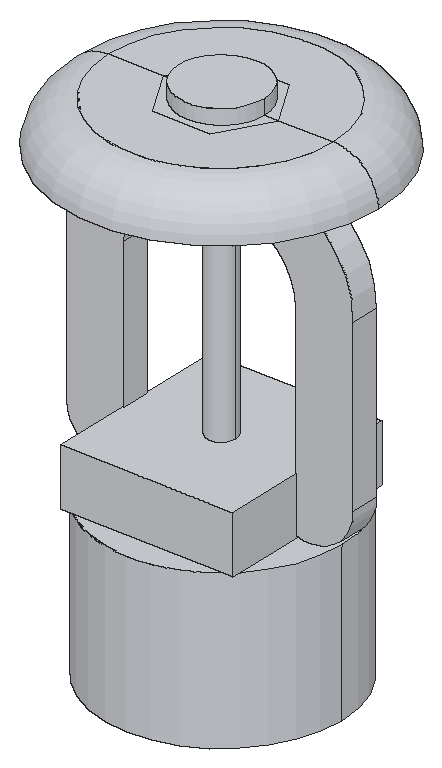
Revit family
Parameters (values of type "RASCO F1 UPRIGHT")
  Temperature Rating = 286 °F
  Response = (empty or 0)
  RASCO SIN # = "R1725"
  RASCO Part # = "FU3LB"
  Pressure Rating = "175 PSI"
  Pressure Class = (empty or 0)
  Orifice Size = 17/32"
  Orifice = (empty or 0)
  Model = "F1"
  Manufacturer = "RASCO"
  K-Factor = 8
  Description = "Brz. Finish"
  Coverage = (empty or 0)
Reference planes (in)
  plane 1 "Center (Front/Back)": y = 0
  plane 2: z = 0
  plane 3 "Center (Left/Right)": x = 0
Dimensions and locks (in)
  aligned and locked: plane 2 to level
Nested families (in)
  nested 1: "FU3LB" at (0, 0, 0), type "RASCO F1 UPRIGHT"
Connectors (in)
  piping at (0, 0, 0)
    settings: on nested 1, index 1, connector radius 1/2", flow factor 0, pipe flow 0 GPM, pressure drop 0.00 psi, fitting loss kfactor 0, connector angle 0.00°, fixture units 0, flow configuration 0, flow direction 0, fitting loss method 0, system type 7, connector reference index -1, connector utility 0, adjustable connector no, is connector primary yes, fitting loss table "", connector description ""
Definition of nested family "FU3LB"
  Parameters (values of type "RASCO F1 UPRIGHT")
    Type Comments = ""
    Temperature Rating = 0 °F
    Response = (empty or 0)
    Pressure Rating = "0"
    Pressure Class = (empty or 0)
    Orifice Size = 0"
    Orifice = (empty or 0)
    Model = ""
    Manufacturer = ""
    K-Factor = 0
    Description = ""
    Coverage = (empty or 0)
    Assembly Code = ""
  Reference planes (in)
    plane 1 "Center (Front/Back)": y = 0
    plane 2: z = 0
    plane 3 "ref.2": z = 0.6875
    plane 4 "ref.3": z = 0.9375
    plane 5: x = -0.38065
    plane 6: x = 0.36935
    plane 7 "ref. side 1": y = 0.06402
    plane 8 "ref. side 2": y = -0.06098
    plane 9 "ref.4": z = 1.875
    plane 10 "ref.5": z = 2.3125
    plane 11 "ref.6": z = 2.4375
  Forms (in)
    Extrusion 1, solid
      sketch origin (0, 0, 0) x (1, 0, 0) y (0, 1, 0)
        loop
          circle (0, 0) r 0.5221
      from 0 to 0.6875
    Extrusion 2, solid
      sketch origin (-0.12185, 0.05177, 0.6875) x (1, 0, 0) y (0, 1, 0)
        loop
          line (-0.2588, 0.356) -> (-0.2588, -0.4565) -> (0.4912, -0.4565) -> (0.4912, 0.356) -> (-0.2588, 0.356)
      from 0 to 0.25
    Extrusion 3, solid
      sketch origin (0, 0, 0) x (1, 0, 0) y (0, 0, 1)
        loop
          line (-0.38065, 0.69674) -> (-0.38065, 1.58397)
          arc (-0.38065, 1.58397) -> (-0.29541, 1.78976) -> (-0.08962, 1.875) r 0.29103
          line (-0.08962, 1.875) -> (0.07524, 1.875)
          arc (0.07524, 1.875) -> (0.28321, 1.78886) -> (0.36935, 1.58089) r 0.29411
          line (0.36935, 1.58089) -> (0.36935, 0.69728)
          arc (0.36935, 0.69728) -> (0.54046, 0.72329) -> (0.61935, 0.87734) r 0.18984
          line (0.61935, 0.87734) -> (0.61935, 1.61676)
          arc (0.61935, 1.61676) -> (0.48879, 1.93194) -> (0.17361, 2.0625) r 0.44574
          line (0.17361, 2.0625) -> (-0.18509, 2.0625)
          arc (-0.18509, 2.0625) -> (-0.50015, 1.932) -> (-0.63065, 1.61694) r 0.44556
          line (-0.63065, 1.61694) -> (-0.63065, 0.87876)
          arc (-0.63065, 0.87876) -> (-0.55196, 0.72414) -> (-0.38065, 0.69674) r 0.19126
      from -0.06402 to 0.06098
    Extrusion 4, solid
      sketch origin (0, 0, 0.9375) x (-1, 0, 0) y (0, -1, 0)
        loop
          circle (0.00574, -0.00152) r 0.0625
      from 0 to 0.9375
    Extrusion 5, solid
      sketch origin (0, 0, 1.875) x (-1, 0, 0) y (0, -1, 0)
        loop
          circle (0.00574, -0.00152) r 0.1875
      from 0 to 0.4375
    Revolve 6, solid
      sketch origin (0, 0, -0.2777) x (1, 0, 0) y (0, 0, 1)
        loop
          line (-0.19324, 2.33367) -> (-0.19324, 2.52696) -> (-0.25733, 2.52696) -> (-0.49638, 2.52696)
          arc (-0.49638, 2.52696) -> (-0.63432, 2.47056) -> (-0.69321, 2.33367) r 0.19686
          line (-0.69321, 2.33367) -> (-0.19324, 2.33367)
        axis (-0.00574, 2.33367) -> (-0.00574, 2.52696)
      angle from 0 to 360
  Cuts and joins
    joined: Extrusion 1, Extrusion 2, Extrusion 4, Revolve 6
  Lines and regions (in)
    model lines
      curve 1: line (-0.00574, 0.06402, 1.875) -> (-0.00574, -0.06098, 1.875)
  Dimensions and locks (in)
    Extrusion 3 to Extrusion 3 = 1.250"
    Extrusion 5 to cut or joined group of Extrusion 1, Extrusion 2, Extrusion 4, Revolve 6 = 2.3125"
